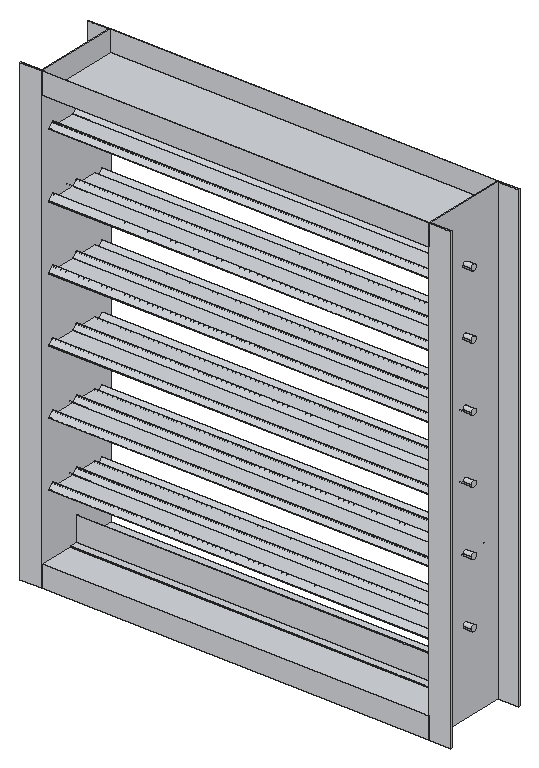
Revit family "H-420,421", category Mechanical Equipment, Revit 2015
Parameters
  URL = "http://unitedenertech.com/catalog/pdf/C_1,%202,%203,%204%20H-420.pdf"
  Type Comments = "Max. Single Section Size is (48\"w x 90\"h)"
  Model = "H-420, H-421"
  Manufacturer = "United Enertech Corporation"
  Keynote = "This model is only a representation of the product, blade position will vary from built dampers"
  Exact Width = 3' - 0"
  Exact Height = 3' - 3"
  Description = "Industrial 3V Blade Control Damper"
  Blade Spacing = 0' - 6"
  Blade Number [instance] = (Exact Height - 0' 2 1/2") / Blade Spacing  # 6
  BW [instance] = Exact Width - 0' 0 1/8"  # 2' - 11 7/8"
Reference planes (in)
  plane 1 "Center (Front/Back)": y = 0
  plane 2: z = 0
  plane 3 "Center (Left/Right)": x = 0
  plane 4: x = -18
  plane 5: x = 18
  plane 6: z = 39
  plane 7: x = -20
  plane 8: x = 20
  plane 9: z = 41
  plane 10: z = -2
  plane 11: y = 8
  plane 12: z = 3
  plane 13: z = 35.89321
Forms (in)
  Extrusion 1, solid
    sketch origin (0, 0, 0) x (0, 1, 0) y (0, 0, 1)
      loop
        line (8, 41) -> (7.9253, 41) -> (7.9253, 39.0747) -> (0.0747, 39.0747) -> (0.0747, 41) -> (0, 41) -> (0, 39) -> (8, 39) -> (8, 41)
    from -18 to 18
  Extrusion 2, solid
    sketch origin (0, 0, 0) x (0, 1, 0) y (0, 0, 1)
      loop
        line (8, 0) -> (0, 0) -> (0, -2) -> (0.0747, -2) -> (0.0747, -0.0747) -> (7.9253, -0.0747) -> (7.9253, -2) -> (8, -2) -> (8, 0)
    from -18 to 18
  Extrusion 3, solid
    sketch origin (0, 0, 0) x (1, 0, 0) y (0, 1, 0)
      loop
        line (-20, 0) -> (-18, 0) -> (-18, 8) -> (-20, 8) -> (-20, 7.9253) -> (-18.0747, 7.9253) -> (-18.0747, 0.0747) -> (-20, 0.0747) -> (-20, 0)
    from -2 to 41
  Extrusion 4, solid
    sketch origin (0, 0, 0) x (1, 0, 0) y (0, 1, 0)
      loop
        line (20, 8) -> (18, 8) -> (18, 0) -> (20, 0) -> (20, 0.0747) -> (18.0747, 0.0747) -> (18.0747, 7.9253) -> (20, 7.9253) -> (20, 8)
    from -2 to 41
  Extrusion 5, solid
    sketch origin (0, 0, 0) x (0, 1, 0) y (0, 0, 1)
      loop
        line (4, 39) -> (4, 38.25) -> (4.0747, 38.25) -> (4.0747, 38.9253) -> (4.75, 38.9253) -> (4.75, 39) -> (4, 39)
    from -18 to 18
  Extrusion 6, solid
    sketch origin (0, 0, 0) x (0, 1, 0) y (0, 0, 1)
      loop
        line (4, 0) -> (4, 2.36294) -> (3.9253, 2.36294) -> (3.9253, 0.0747) -> (3.25, 0.0747) -> (3.25, 0) -> (4, 0)
    from -18 to 18
Dimensions and locks (in)
  equal spacing: plane 4, plane 3 "Center (Left/Right)", plane 5
  "Exact Width": plane 4 to plane 5
  "Exact Height": plane 6 to level
  locked: plane 5 to plane 8 at 2
  locked: plane 7 to plane 4 at 2
  locked: plane 9 to plane 6 at 2
  locked: level to plane 10 at 2
  locked: plane 6 to plane 13 at 3.10679
  equal spacing: group 1, group 2, group 3, group 4, group 5, group 6  (x2)
  equal spacing: group 6, group 5, group 4, group 3, group 2, group 1
  "Blade Spacing": nested 1 to nested 2
  aligned and locked: level to plane 2
  aligned and locked: plane 4 to Extrusion 1
  aligned and locked: plane 4 to Extrusion 2
  aligned and locked: plane 5 to Extrusion 1
  aligned and locked: plane 5 to Extrusion 2
  aligned and locked: Extrusion 3 to plane 10
  aligned and locked: Extrusion 4 to plane 10
  aligned and locked: plane 9 to Extrusion 3
  aligned and locked: plane 9 to Extrusion 4
  aligned and locked: Extrusion 1 to plane 6
  aligned and locked: plane 6 to Extrusion 5
  aligned and locked: plane 13 to nested 1
  aligned and locked: plane 4 to Extrusion 5
  aligned and locked: plane 5 to Extrusion 5
  aligned and locked: plane 4 to Extrusion 6
  aligned and locked: plane 5 to Extrusion 6
Automatic sketch dimensions
  Extrusion 1 sketch curve to plane 1 "Center (Front/Back)" = 0' - 0"
  Extrusion 1 sketch curve to plane 9 = 0' - 0"  (x2)
  Extrusion 1 sketch curve to plane 11 = 0' - 0"
  Extrusion 1 sketch curve to Extrusion 1 sketch curve = 0' - 0.0747"
  Extrusion 1 sketch curve to plane 11 = 0' - 0.0747"
  plane 6 to Extrusion 1 sketch curve = 0' - 0.0747"
  Extrusion 1 sketch curve to plane 6 = 0' - 0"
  Extrusion 2 sketch curve to plane 1 "Center (Front/Back)" = 0' - 0"
  Extrusion 2 sketch curve to plane 10 = 0' - 0"  (x2)
  Extrusion 2 sketch curve to plane 11 = 0' - 0"
  Extrusion 2 sketch curve to level = 0' - 0"
  Extrusion 2 sketch curve to plane 1 "Center (Front/Back)" = 0' - 0.0747"
  Extrusion 2 sketch curve to plane 11 = 0' - 0.0747"
  Extrusion 2 sketch curve to level = 0' - 0.0747"
  plane 1 "Center (Front/Back)" to Extrusion 3 sketch curve = 0' - 0"
  Extrusion 3 sketch curve to plane 7 = 0' - 0"  (x2)
  Extrusion 3 sketch curve to plane 4 = 0' - 0"
  Extrusion 3 sketch curve to plane 11 = 0' - 0"
  Extrusion 3 sketch curve to plane 1 "Center (Front/Back)" = 0' - 0.0747"
  plane 4 to Extrusion 3 sketch curve = 0' - 0.0747"
  Extrusion 3 sketch curve to plane 11 = 0' - 0.0747"
  Extrusion 4 sketch curve to plane 5 = 0' - 0"
  Extrusion 4 sketch curve to plane 8 = 0' - 0"  (x2)
  plane 1 "Center (Front/Back)" to Extrusion 4 sketch curve = 0' - 0"
  Extrusion 4 sketch curve to plane 11 = 0' - 0"
  plane 5 to Extrusion 4 sketch curve = 0' - 0.0747"
  Extrusion 4 sketch curve to plane 1 "Center (Front/Back)" = 0' - 0.0747"
  Extrusion 4 sketch curve to plane 11 = 0' - 0.0747"
  Extrusion 5 sketch curve to plane 6 = 0' - 0"
  Extrusion 5 sketch curve to plane 1 "Center (Front/Back)" = 0' - 4"
  Extrusion 5 sketch curve to Extrusion 5 sketch curve = 0' - 0.0747"
  Extrusion 5 sketch curve to Extrusion 5 sketch curve = 0' - 0.6753"
  Extrusion 5 sketch curve to plane 6 = 0' - 0 3/4"
  Extrusion 5 sketch curve to plane 6 = 0' - 0.0747"
  Extrusion 6 sketch curve to level = 0' - 0"
  level to Extrusion 6 sketch curve = 0' - 0.0747"
  Extrusion 6 sketch curve to plane 1 "Center (Front/Back)" = 0' - 3 1/4"
  Extrusion 6 sketch curve to plane 12 = 0' - 0.63706"
  Extrusion 6 sketch curve to Extrusion 6 sketch curve = 0' - 0 3/4"
  Extrusion 6 sketch curve to Extrusion 6 sketch curve = 0' - 0.0747"
Nested families (in)
  nested 1: "420Blade" at (0, 3.86092, 36.059), type "420Blade"
    with Blade Width 2' - 11 7/8"
  nested 2: "420Blade" at (0, 3.86092, 30.059), type "420Blade"
    with Blade Width 2' - 11 7/8"
  nested 3: "420Blade" at (0, 3.86092, 24.059), type "420Blade"
    with Blade Width 2' - 11 7/8"
  nested 4: "420Blade" at (0, 3.86092, 18.059), type "420Blade"
    with Blade Width 2' - 11 7/8"
  nested 5: "420Blade" at (0, 3.86092, 12.059), type "420Blade"
    with Blade Width 2' - 11 7/8"
  nested 6: "420Blade" at (0, 3.86092, 6.059), type "420Blade"
    with Blade Width 2' - 11 7/8"
Definition of nested family "420Blade"
  Parameters (values of type "420Blade")
    Blade Width = 2' - 0"
  Reference planes (in)
    plane 1 "Center (Front/Back)": y = 0
    plane 2: z = 0
    plane 3 "Center (Left/Right)": x = 0
    plane 4: x = -12
    plane 5: x = 12
    plane 6: x = -13
    plane 7: x = -10
    plane 8: x = 10
    plane 9: x = 13
  Forms (in)
    Extrusion 1, solid
      sketch origin (6.12366, 0.13774, -0.17626) x (0, -1, 0) y (0, 0, 1)
        loop
          line (-3.00134, -0.03806) -> (-2.54212, -0.49728) -> (-2.10906, -0.06422) -> (-0.40771, -0.06422) -> (-0.00134, 0.34216) -> (0.40506, -0.06424) -> (2.38307, -0.06424) -> (2.78944, 0.34214) -> (3.19584, -0.06426) -> (3.24866, -0.01144) -> (2.78944, 0.44778) -> (2.35213, 0.01046) -> (0.436, 0.01046) -> (-0.00134, 0.4478) -> (-0.43865, 0.01048) -> (-2.14, 0.01048) -> (-2.54212, -0.39164) -> (-2.94852, 0.01476) -> (-3.00134, -0.03806)
      from -5.87634 to 18.12366
    Extrusion 2, solid
      sketch origin (6.12366, 0.13774, -0.17626) x (0, -1, 0) y (0, 0, 1)
        loop
          circle (-0.00134, -0.0114) r 0.25
      from -6.87634 to -3.87634
    Extrusion 3, solid
      sketch origin (6.12366, 0.13774, -0.17626) x (0, -1, 0) y (0, 0, 1)
        loop
          circle (-0.00134, -0.0114) r 0.25
      from 16.12366 to 19.12366
  Dimensions and locks (in)
    equal spacing: plane 4, plane 3 "Center (Left/Right)", plane 5
    "Blade Width": plane 4 to plane 5
    locked: plane 6 to plane 4 at 1
    locked: plane 4 to plane 7 at 2
    locked: plane 8 to plane 5 at 2
    locked: plane 5 to plane 9 at 1
    aligned and locked: level to plane 2
    aligned and locked: plane 5 to Extrusion 1
    aligned and locked: plane 9 to Extrusion 2
    aligned and locked: plane 4 to Extrusion 1
    aligned and locked: Extrusion 2 to plane 8
    aligned and locked: Extrusion 3 to plane 6
    aligned and locked: plane 7 to Extrusion 3
  Automatic sketch dimensions
    Extrusion 1 sketch curve to level = 0' - 0.21432"
    Extrusion 1 sketch curve to plane 1 "Center (Front/Back)" = 0' - 3.13908"
    Extrusion 1 sketch curve to level = 0' - 0.1615"
    Extrusion 1 sketch curve to Extrusion 1 sketch curve = 0' - 0.05282"
    Extrusion 1 sketch curve to level = 0' - 0.67354"
    Extrusion 1 sketch curve to level = 0' - 0.5679"
    Extrusion 1 sketch curve to level = 0' - 0.16578"
    Extrusion 1 sketch curve to Extrusion 1 sketch curve = 0' - 0.03094"  (x4)
    Extrusion 1 sketch curve to plane 1 "Center (Front/Back)" = 0' - 0.57639"
    Extrusion 1 sketch curve to plane 1 "Center (Front/Back)" = 0' - 0.13908"
    Extrusion 1 sketch curve to Extrusion 1 sketch curve = 0' - 0"  (x2)
    plane 1 "Center (Front/Back)" to Extrusion 1 sketch curve = 0' - 0.26732"
    Extrusion 1 sketch curve to level = 0' - 0.1658"
    Extrusion 1 sketch curve to Extrusion 1 sketch curve = 0' - 1.91613"
    level to Extrusion 1 sketch curve = 0' - 0.27152"
    Extrusion 1 sketch curve to Extrusion 1 sketch curve = 0' - 0.43732"
    level to Extrusion 1 sketch curve = 0' - 0.16588"
    Extrusion 1 sketch curve to level = 0' - 0.24052"
    Extrusion 2 sketch curve to plane 1 "Center (Front/Back)" = 0' - 0.13908"
    Extrusion 2 sketch curve to level = 0' - 0.18766"
    Extrusion 3 sketch curve to plane 1 "Center (Front/Back)" = 0' - 0.13908"
    Extrusion 3 sketch curve to level = 0' - 0.18766"
    radius of Extrusion 2 sketch curve = 0' - 0 1/4"
    radius of Extrusion 3 sketch curve = 0' - 0 1/4"
